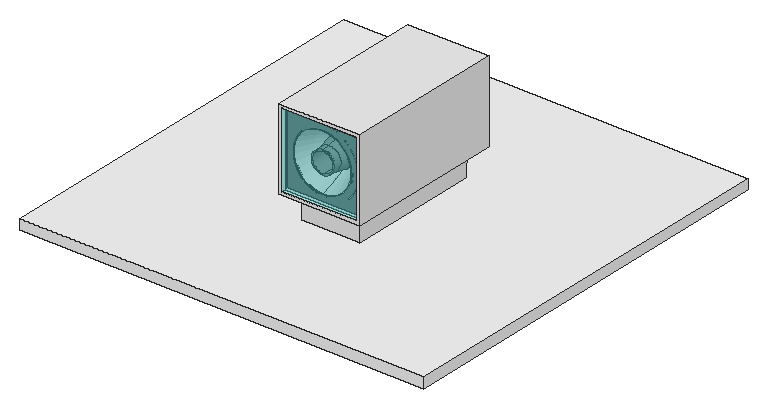
Revit family "BE_24613_de_DE", category Leuchten, Revit 2020
Family settings
  Basisbauteil = Fläche
  Bemaßung runder Anschluss = Durchmesser verwenden
  Teiletyp = Normal
  Beim Laden mit Abzugskörper schneiden = Ja
  Lichtquelle = Ja
  Gemeinsam genutzt = Nein
  Raumberechnungspunkt = Ja
Parameters (values of type "BEGA_24613_Weiß_K4")
  built-in parameter 1150104 = 4.6693 (stored number, unit not read)
  Wattage = 7.8 W
  Default Elevation = 0 mm
  built-in parameter 1150113 = 1 (stored number, unit not read)
  built-in parameter 1114218 = 1 (stored number, unit not read)
  Umgebungstemperatur = "25 °C"
  URL = "https://www.bega.com/de/produkt/24613"
  Typenkommentare = "© 2022 BEGA. Wir behalten uns das Recht vor, technische Änderungen ohne vorherige Ankündigung vorzunehmen."  # constant formula
  built-in parameter 1150134 = 12
  built-in parameter 1150109 = 1 (stored number, unit not read)
  Strom = ""
  built-in parameter 1150110 = 1 (stored number, unit not read)
  Spannung = 239.996 V
  Sonderanfertigung = no
  Seriennummer [instance] = "Hier können Sie die eindeutige Seriennummer für das Facility Management eintragen."
  Schutzklasse = "I"
  Schutzart = "IP 65"
  Scheinlast = 0 VA
  Produktdatenblatt = "https://cdn.bega.com/bega/products/24613AK3/current/documents/data-sheets/de"
  Oberflächentemperatur = ""
  Neigungswinkel = 0.00°
  Modell = "24613WK4"
  Material_18 = BEGA_Gummi_schwarz
  Material_17 = BEGA_Reflektor
  Material_15 = BEGA_Leuchtmedium_matt
  Material_09 = BEGA_Glas_klar
  Material_03 = BEGA_Oberfläche_Weiss_matt
  Material_02 = BEGA_Oberfläche_Silber_matt
  Material_01 [instance] = BEGA_Oberfläche_Grafit_matt
  M_W = yes
  M_G = no
  M_A = no
  Logo = 0
  built-in parameter 1114217 = 1 (stored number, unit not read)
  built-in parameter 1150139 = (empty or 0)
  built-in parameter 1150105 = 31.197 (stored number, unit not read)
  built-in parameter 1150114 = 1 (stored number, unit not read)
  Lumens = 392.028 lm
  built-in parameter 1150115 = 1 (stored number, unit not read)
  Leuchtenlichtstrom = "392 lm"
  Leuchtenanzahl = ""
  Lebensdauerkriterien = "L70B50 @ 25 °C = 200000 h"
  Lastklassifizierung = Beleuchtung
  built-in parameter 1150112 = 1 (stored number, unit not read)
  Lampenlichtstrom = "1370 lm"
  Lampe = "LED 7.8 W"
  LED_Modulbezeichnung = "2x LED-1029/840"
  built-in parameter 1150142 = (empty or 0)
  Hersteller = "BEGA"  # constant formula
  Halbstreuwinkel = ""
  Gewicht = "1.25 kg"
  Gebrauchslageneinschränkung [instance] = ""
  Frequenz = "0/50-60 Hz"
  Farbwiedergabeindex = "CRI > 80"
  Farbtemperaturverschiebung bei Dämpfen der Lampe = <Keine Auswahl>
  Farbtemperatur = "4000 K"
  Color Filter = 16777215
  built-in parameter 1150133 = 10 (stored number, unit not read)
  Energieeffizienzklasse = "LED A++ - A"
  built-in parameter 1150137 = (empty or 0)
  built-in parameter 1150132 = (empty or 0)
  ENEC = "ja"
  Dimmbar [instance] = "on/off"
  Datei für fotometrisches Netz = "BE_24613K4.IES"
  CE_Konformität = "ja"
  Bestellnummer = "24613WK4"
  Beschreibung_Sonderanfertigung = "Hier können Sie Informationen zur Sonderanfertigung eintragen."
  Beschreibung = "Wandleuchte"
  built-in parameter 1150106 = 0.31197 (stored number, unit not read)
  Befestigungsbohrung = "Ø 4,5 mm"
  Befestigungsabstand = "38 x 110 mm"
  Ballwurfsicher = ""
  BEGA_Intern_aus = yes
  BEGA_Intern_an = yes
  BEGA_Intern_Konstruktion = yes
  BEGA_Intern = yes
  BEGA_IES = yes
  BEGA_Dummy = no
  Anschlussleitung = ""
  Anschlussleistung [instance] = "9 W"
  Anschlusskasten = ""
  built-in parameter 1150107 = 4000 (stored number, unit not read)
  built-in parameter 1150102 = (empty or 0)
  built-in parameter 1150138 = (empty or 0)
  Aktualisierung = "2022-05-18T04:00:07"
  Abstand_zur_angestrahlten_Fläche [instance] = ""
  AC/DC = "AC/DC"
Types (6, lengths in mm): name | built-in parameter 1150104 | built-in parameter 1150134 | Modell | M_W | M_G | M_A | built-in parameter 1150105 | Lumens | Leuchtenlichtstrom | Lampenlichtstrom | LED_Modulbezeichnung | Farbtemperatur | Datei für fotometrisches Netz | Bestellnummer | built-in parameter 1150106 | built-in parameter 1150107
  BEGA_24613_Weiß_K4 | 4.6693 (stored number, unit not read) | 12 | "24613WK4" | yes | no | no | 31.197 (stored number, unit not read) | 392.028 lm | "392 lm" | "1370 lm" | "2x LED-1029/840" | "4000 K" | "BE_24613K4.IES" | "24613WK4" | 0.31197 (stored number, unit not read) | 4000 (stored number, unit not read)
  BEGA_24613_Weiß_K3 | 4.3952 (stored number, unit not read) | (empty or 0) | "24613WK3" | yes | no | no | 29.366 (stored number, unit not read) | 369.018 lm | "369 lm" | "1290 lm" | "2x LED-1029/830" | "3000 K" | "BE_24613K3.IES" | "24613WK3" | 0.29366 (stored number, unit not read) | 3000 (stored number, unit not read)
  BEGA_24613_Grafit_K4 | 4.6693 (stored number, unit not read) | 12 | "24613K4" | no | yes | no | 31.197 (stored number, unit not read) | 392.028 lm | "392 lm" | "1370 lm" | "2x LED-1029/840" | "4000 K" | "BE_24613K4.IES" | "24613K4" | 0.31197 (stored number, unit not read) | 4000 (stored number, unit not read)
  BEGA_24613_Silber_K3 | 4.3952 (stored number, unit not read) | (empty or 0) | "24613AK3" | no | no | yes | 29.366 (stored number, unit not read) | 369.018 lm | "369 lm" | "1290 lm" | "2x LED-1029/830" | "3000 K" | "BE_24613K3.IES" | "24613AK3" | 0.29366 (stored number, unit not read) | 3000 (stored number, unit not read)
  BEGA_24613_Silber_K4 | 4.6693 (stored number, unit not read) | 12 | "24613AK4" | no | no | yes | 31.197 (stored number, unit not read) | 392.028 lm | "392 lm" | "1370 lm" | "2x LED-1029/840" | "4000 K" | "BE_24613K4.IES" | "24613AK4" | 0.31197 (stored number, unit not read) | 4000 (stored number, unit not read)
  BEGA_24613_Grafit_K3 | 4.3952 (stored number, unit not read) | (empty or 0) | "24613K3" | no | yes | no | 29.366 (stored number, unit not read) | 369.018 lm | "369 lm" | "1290 lm" | "2x LED-1029/830" | "3000 K" | "BE_24613K3.IES" | "24613K3" | 0.29366 (stored number, unit not read) | 3000 (stored number, unit not read)
Reference planes
  plane 1 "Mitte (Vorne/Hinten)": y = 0
  plane 2: z = 0
  plane 3 "Mitte (Links/Rechts)": x = 0
  plane 4 "Links": x = -40
  plane 5 "Rechts": x = 40
  plane 6 "Unten": y = -79.6
  plane 7 "Oben": y = 80
  plane 8 "Vorne": z = 105.2
Forms (mm)
  Extrusion 1, solid, material "BEGA_Platte_Weiss"
    sketch origin (0, -1119.2, 0) x (1, 0, 0) y (0, 1, 0)
      loop
        line (-200, 1319.2) -> (-200, 919.2) -> (200, 919.2) -> (200, 1319.2) -> (-200, 1319.2)
    from 0 to -10
  Extrusion 2, solid, material "BEGA_Dummy_matt", visible <- "BEGA_Dummy"
    sketch origin (80.095, -76.023, 0) x (1, 0, 0) y (0, 1, 0)
      loop
        line (-120.095, 156.023) -> (-120.095, -3.577) -> (-40.095, -3.577) -> (-40.095, 156.023) -> (-120.095, 156.023)
    from 0 to 105.2
Dimensions and locks
  plane 1 "Mitte (Vorne/Hinten)" to Extrusion 1 = 200 mm
  aligned and locked: Extrusion 1 to plane 2
  aligned and locked: level to Extrusion 1
Nested families
  nested 1: "BE_24613" at (0, 0, 0), type "BE_24613"
Connectors
  electrical at (0, 0, 0), driven by "Lastklassifizierung", driven by "Spannung", driven by "Scheinlast"
    settings: index 1, voltage 239.996 V, apparent load 0 VA, apparent load phase1 0 VA, apparent load phase2 0 VA, apparent load phase3 0 VA, power factor 1, load classification "Beleuchtung", number of poles 1, system type 31, power factor state 1, is connector primary yes, connector utility no, sub classification motor no, connector description ""
Definition of nested family "BE_24613"
  Parameters (values of type "BE_24613")
    Default Elevation = 1 mm
    URL = "http://www.bega.de/de/produkt"
    Type Comments = "© 2015 BEGA. Wir behalten uns das Recht vor, technische Änderungen ohne vorherige Ankündigung vorzunehmen. "  # constant formula
    Type Image = (empty or 0)
    Material_18 = none
    Material_17 = none
    Material_15 = none
    Material_09 = none
    Material_03 = none
    Material_02 = none
    Material_01 = none
    M_W = yes
    M_G = no
    M_A = no
    Länge_Platte = 200 mm  # constant formula
    Höhe_Platte = -10 mm  # constant formula
    Manufacturer = "BEGA"  # constant formula
    Breite_Platte = 200 mm  # constant formula
  Reference planes
    plane 1 "Mitte (Oben/Unten)": y = 0
    plane 2: z = 0
    plane 3 "Mitte (Links/Rechts)": x = 0
    plane 4: z = 65.2
    plane 5: z = 65.2
    plane 6: x = -40
    plane 7: x = 40
    plane 8: y = 80
    plane 9: y = -79.6
    plane 10: z = 105.2
  Forms (mm)
    Extrusion 1, solid, detail levels medium
      sketch origin (0, 0, 0) x (1, 0, 0) y (0, 1, 0)
        loop
          line (-100, 100) -> (-100, -100) -> (100, -100) -> (100, 100) -> (-100, 100)
      from 0 to -10 <- "Höhe_Platte"
    Extrusion 2, solid, material <- "Material_01", visible <- "M_G"
      sketch origin (0, 0, 0) x (0, 1, 0) y (0, 0, 1)
        loop
          line (66.328, 25.2) -> (-65.928, 25.2) -> (-65.269, 0) -> (65.669, 0) -> (66.328, 25.2)
      from -28.66 to 28.66
    Extrusion 3, solid, material <- "Material_01", visible <- "M_G"
      sketch origin (0, 0, 0) x (0, 1, 0) y (0, 0, 1)
        loop
          line (79.7, 105.2) -> (-79.3, 105.2) -> (-79.3, 25.2) -> (79.7, 25.2) -> (79.7, 105.2)
      from -40 to 40
    Extrusion 4, void
      sketch origin (0, 0, 0) x (1, 0, 0) y (0, 0, 1)
        loop
          line (37, 102.2) -> (-37, 102.2) -> (-37, 28.2) -> (37, 28.2) -> (37, 102.2)
      from -79.7 to -75.8
    Extrusion 5, void
      sketch origin (0, 0, 0) x (1, 0, 0) y (0, 0, -1)
        loop
          line (37, -102.2) -> (37, -28.2) -> (-37, -28.2) -> (-37, -102.2) -> (37, -102.2)
      from -79.3 to -75.6
    Extrusion 6, void
      sketch origin (0, 0, 0) x (1, 0, 0) y (0, 0, 1)
        loop
          line (35, 100.2) -> (-35, 100.2) -> (-35, 30.2) -> (35, 30.2) -> (35, 100.2)
      from -40.45 to -75.8
    Extrusion 7, void
      sketch origin (0, 0, 0) x (1, 0, 0) y (0, 0, -1)
        loop
          line (35, -100.2) -> (35, -30.2) -> (-35, -30.2) -> (-35, -100.2) -> (35, -100.2)
      from -40.05 to -75.6
    Extrusion 8, solid, material <- "Material_15"
      sketch origin (0, 0, 0) x (1, 0, 0) y (0, 0, 1)
        loop
          line (10, 75.2) -> (-10, 75.2) -> (-10, 55.2) -> (10, 55.2) -> (10, 75.2)
      from -42.149 to -40.45
    Extrusion 9, solid, material <- "Material_15"
      sketch origin (0, 0, 0) x (1, 0, 0) y (0, 0, -1)
        loop
          line (10, -75.2) -> (10, -55.2) -> (-10, -55.2) -> (-10, -75.2) -> (10, -75.2)
      from -41.75 to -40.05
    Revolve 10, solid, material <- "Material_17"
      sketch origin (0, 0, 0) x (0, 1, 0) y (0, 0, 1)
        loop
          line (45.1, 81.183) -> (45.1, 77.876)
          arc (45.1, 77.876) -> (59.863, 86.632) -> (75.7, 93.251) r 123.246
          line (75.7, 93.251) -> (75.7, 100.212) -> (74.674, 100.194) -> (74.674, 94.35) -> (45.1, 81.183)
        loop
          line (-44.7, 81.183) -> (-74.274, 94.35) -> (-74.274, 100.194) -> (-75.3, 100.212) -> (-75.3, 93.251)
          arc (-75.3, 93.251) -> (-59.463, 86.632) -> (-44.7, 77.876) r 123.246
          line (-44.7, 77.876) -> (-44.7, 81.183)
        axis (-75.3, 65.2) -> (75.7, 65.2)
      angle from 0 to 360
    Extrusion 11, solid, material <- "Material_09"
      sketch origin (0, 0, 0) x (1, 0, 0) y (0, 0, 1)
        loop
          line (37, 102.2) -> (-37, 102.2) -> (-37, 28.2) -> (37, 28.2) -> (37, 102.2)
      from 75.6 to 79.6
    Extrusion 12, solid, material <- "Material_09"
      sketch origin (0, 0, 0) x (1, 0, 0) y (0, 0, -1)
        loop
          line (37, -102.2) -> (37, -28.2) -> (-37, -28.2) -> (-37, -102.2) -> (37, -102.2)
      from 76 to 80
    Extrusion 13, solid, material <- "Material_02", visible <- "M_A"
      sketch origin (0, 0, 0) x (0, 1, 0) y (0, 0, 1)
        loop
          line (79.7, 105.2) -> (-79.3, 105.2) -> (-79.3, 25.2) -> (79.7, 25.2) -> (79.7, 105.2)
      from -40 to 40
    Extrusion 14, solid, material <- "Material_03", visible <- "M_W"
      sketch origin (0, 0, 0) x (0, 1, 0) y (0, 0, 1)
        loop
          line (79.7, 105.2) -> (-79.3, 105.2) -> (-79.3, 25.2) -> (79.7, 25.2) -> (79.7, 105.2)
      from -40 to 40
    Extrusion 15, solid, material <- "Material_18"
      sketch origin (0, 0, 0) x (1, 0, 0) y (0, 0, 1)
        loop
          line (37, 102.2) -> (-37, 102.2) -> (-37, 28.2) -> (37, 28.2) -> (37, 102.2)
        loop
          circle (0, 65.2) r 29
      from -76 to -75.8
    Extrusion 16, solid, material <- "Material_18"
      sketch origin (0, 0, 0) x (1, 0, 0) y (0, 0, -1)
        loop
          line (37, -102.2) -> (37, -28.2) -> (-37, -28.2) -> (-37, -102.2) -> (37, -102.2)
        loop
          circle (0, -65.2) r 29
      from -75.6 to -75.4
    Extrusion 17, void
      sketch origin (0, 0, 0) x (1, 0, 0) y (0, 1, 0)
        loop
          line (-16, 57.45) -> (-20, 57.45)
          arc (-20, 57.45) -> (-22.25, 55.2) -> (-20, 52.95) r 2.25
          line (-20, 52.95) -> (-16, 52.95)
          arc (-16, 52.95) -> (-13.75, 55.2) -> (-16, 57.45) r 2.25
        loop
          circle (8.5, 30.2) r 8.781
        loop
          circle (8.5, -29.8) r 8.781
        loop
          circle (20, -54.8) r 2.25
      from 0 to 12.2
    Extrusion 18, solid, material <- "Material_02", visible <- "M_A"
      sketch origin (0, 0, 0) x (0, 1, 0) y (0, 0, 1)
        loop
          line (66.328, 25.2) -> (-65.928, 25.2) -> (-65.269, 0) -> (65.669, 0) -> (66.328, 25.2)
      from -28.66 to 28.66
    Extrusion 19, solid, material <- "Material_03", visible <- "M_W"
      sketch origin (0, 0, 0) x (0, 1, 0) y (0, 0, 1)
        loop
          line (66.328, 25.2) -> (-65.928, 25.2) -> (-65.269, 0) -> (65.669, 0) -> (66.328, 25.2)
      from -28.66 to 28.66
    Revolve 20, solid, material <- "Material_01"
      sketch origin (0, 0, 0) x (0, 1, 0) y (0, 0, 1)
        loop
          line (56.6, 79.1) -> (45.1, 79.2) -> (45.1, 75.996) -> (75.5, 75.2) -> (75.5, 76.4) -> (67.875, 76.6) -> (56.6, 79.1)
        loop
          line (-56.2, 79.1) -> (-67.475, 76.6) -> (-75.1, 76.4) -> (-75.1, 75.2) -> (-44.7, 75.996) -> (-44.7, 79.2) -> (-56.2, 79.1)
        axis (75.5, 65.2) -> (-75.1, 65.2)
      angle from 0 to 360
  Cuts and joins
    Extrusion 17 cuts Extrusion 2
    Extrusion 4, Extrusion 5, Extrusion 6, Extrusion 7, Extrusion 17 cuts Extrusion 3
    joined: Extrusion 2, Extrusion 3
    Extrusion 4, Extrusion 5, Extrusion 6, Extrusion 7, Extrusion 17 cuts Extrusion 14
    Extrusion 4, Extrusion 5, Extrusion 6, Extrusion 7, Extrusion 17 cuts Extrusion 13
    Extrusion 4 cuts Extrusion 11
    Extrusion 17 cuts Revolve 10
  Dimensions and locks
    equal spacing: Extrusion 1 sketch curve, plane 3 "Mitte (Links/Rechts)", Extrusion 1 sketch curve
    equal spacing: Extrusion 1 sketch curve, plane 1 "Mitte (Oben/Unten)", Extrusion 1 sketch curve
    "Länge_Platte": Extrusion 1 sketch curve to Extrusion 1 sketch curve
    "Breite_Platte": Extrusion 1 sketch curve to Extrusion 1 sketch curve
    aligned and locked: Extrusion 1 to plane 2
    aligned and locked: level to Extrusion 1
  Automatic sketch dimensions
    Extrusion 2 sketch curve to level = 0 mm
    level to Extrusion 2 sketch curve = 25.2 mm
    plane 1 "Mitte (Oben/Unten)" to Extrusion 2 sketch curve = 65.928 mm
    Extrusion 2 sketch curve to Extrusion 2 sketch curve = 0.66 mm  (x2)
    Extrusion 2 sketch curve to plane 1 "Mitte (Oben/Unten)" = 65.669 mm
    plane 1 "Mitte (Oben/Unten)" to Extrusion 3 sketch curve = 79.3 mm
    level to Extrusion 3 sketch curve = 25.2 mm
    Extrusion 3 sketch curve to plane 1 "Mitte (Oben/Unten)" = 79.7 mm
    Extrusion 3 sketch curve to Extrusion 3 sketch curve = 80 mm
    Extrusion 4 sketch curve to plane 3 "Mitte (Links/Rechts)" = 37 mm
    plane 3 "Mitte (Links/Rechts)" to Extrusion 4 sketch curve = 37 mm
    level to Extrusion 4 sketch curve = 28.2 mm
    Extrusion 4 sketch curve to Extrusion 4 sketch curve = 74 mm
    Extrusion 5 sketch curve to plane 3 "Mitte (Links/Rechts)" = 37 mm
    plane 3 "Mitte (Links/Rechts)" to Extrusion 5 sketch curve = 37 mm
    level to Extrusion 5 sketch curve = 102.2 mm
    level to Extrusion 5 sketch curve = 28.2 mm
    Extrusion 6 sketch curve to plane 3 "Mitte (Links/Rechts)" = 35 mm
    plane 3 "Mitte (Links/Rechts)" to Extrusion 6 sketch curve = 35 mm
    level to Extrusion 6 sketch curve = 30.2 mm
    Extrusion 6 sketch curve to Extrusion 6 sketch curve = 70 mm
    Extrusion 7 sketch curve to plane 3 "Mitte (Links/Rechts)" = 35 mm
    plane 3 "Mitte (Links/Rechts)" to Extrusion 7 sketch curve = 35 mm
    level to Extrusion 7 sketch curve = 100.2 mm
    level to Extrusion 7 sketch curve = 30.2 mm
    Extrusion 8 sketch curve to plane 3 "Mitte (Links/Rechts)" = 10 mm
    plane 3 "Mitte (Links/Rechts)" to Extrusion 8 sketch curve = 10 mm
    Extrusion 8 sketch curve to plane 4 = 10 mm
    plane 4 to Extrusion 8 sketch curve = 10 mm
    Extrusion 9 sketch curve to plane 3 "Mitte (Links/Rechts)" = 10 mm
    plane 3 "Mitte (Links/Rechts)" to Extrusion 9 sketch curve = 10 mm
    plane 5 to Extrusion 9 sketch curve = 10 mm
    Extrusion 9 sketch curve to plane 5 = 10 mm
    Revolve 10 sketch curve to level = 23.494 mm  (x2)
    plane 1 "Mitte (Oben/Unten)" to Revolve 10 sketch curve = 75.3 mm
    Revolve 10 sketch curve to Revolve 10 sketch curve = 1.026 mm  (x2)
    Revolve 10 sketch curve to Revolve 10 sketch curve = 1.099 mm  (x2)
    Revolve 10 sketch curve to Revolve 10 sketch curve = 5.844 mm  (x2)
    Revolve 10 sketch curve to Revolve 10 sketch curve = 0.018 mm  (x2)
    Extrusion 11 sketch curve to plane 3 "Mitte (Links/Rechts)" = 37 mm
    plane 3 "Mitte (Links/Rechts)" to Extrusion 11 sketch curve = 37 mm
    level to Extrusion 11 sketch curve = 28.2 mm
    Extrusion 11 sketch curve to Extrusion 11 sketch curve = 74 mm
    Extrusion 12 sketch curve to plane 3 "Mitte (Links/Rechts)" = 37 mm
    plane 3 "Mitte (Links/Rechts)" to Extrusion 12 sketch curve = 37 mm
    level to Extrusion 12 sketch curve = 102.2 mm
    level to Extrusion 12 sketch curve = 28.2 mm
    plane 1 "Mitte (Oben/Unten)" to Extrusion 13 sketch curve = 79.3 mm
    level to Extrusion 13 sketch curve = 25.2 mm
    Extrusion 13 sketch curve to plane 1 "Mitte (Oben/Unten)" = 79.7 mm
    Extrusion 13 sketch curve to Extrusion 13 sketch curve = 80 mm
    plane 1 "Mitte (Oben/Unten)" to Extrusion 14 sketch curve = 79.3 mm
    level to Extrusion 14 sketch curve = 25.2 mm
    Extrusion 14 sketch curve to plane 1 "Mitte (Oben/Unten)" = 79.7 mm
    Extrusion 14 sketch curve to Extrusion 14 sketch curve = 80 mm
    Extrusion 15 sketch curve to plane 3 "Mitte (Links/Rechts)" = 0 mm
    Extrusion 15 sketch curve to plane 3 "Mitte (Links/Rechts)" = 37 mm
    plane 3 "Mitte (Links/Rechts)" to Extrusion 15 sketch curve = 37 mm
    level to Extrusion 15 sketch curve = 28.2 mm
    Extrusion 15 sketch curve to Extrusion 15 sketch curve = 37 mm  (x2)
    Extrusion 16 sketch curve to plane 3 "Mitte (Links/Rechts)" = 0 mm
    Extrusion 16 sketch curve to plane 3 "Mitte (Links/Rechts)" = 37 mm
    plane 3 "Mitte (Links/Rechts)" to Extrusion 16 sketch curve = 37 mm
    level to Extrusion 16 sketch curve = 102.2 mm
    Extrusion 16 sketch curve to Extrusion 16 sketch curve = 37 mm
    level to Extrusion 16 sketch curve = 28.2 mm
    Extrusion 17 sketch curve to plane 3 "Mitte (Links/Rechts)" = 16 mm
    Extrusion 17 sketch curve to plane 1 "Mitte (Oben/Unten)" = 55.2 mm
    Extrusion 17 sketch curve to Extrusion 17 sketch curve = 2.25 mm
    Extrusion 17 sketch curve to Extrusion 17 sketch curve = 4 mm  (x2)
    Extrusion 17 sketch curve to Extrusion 17 sketch curve = 0 mm
    Extrusion 18 sketch curve to level = 0 mm
    level to Extrusion 18 sketch curve = 25.2 mm
    plane 1 "Mitte (Oben/Unten)" to Extrusion 18 sketch curve = 65.928 mm
    Extrusion 18 sketch curve to Extrusion 18 sketch curve = 0.66 mm  (x2)
    Extrusion 18 sketch curve to plane 1 "Mitte (Oben/Unten)" = 65.669 mm
    Extrusion 19 sketch curve to level = 0 mm
    level to Extrusion 19 sketch curve = 25.2 mm
    plane 1 "Mitte (Oben/Unten)" to Extrusion 19 sketch curve = 65.928 mm
    Extrusion 19 sketch curve to Extrusion 19 sketch curve = 0.66 mm  (x2)
    Extrusion 19 sketch curve to plane 1 "Mitte (Oben/Unten)" = 65.669 mm
    Revolve 10 sketch curve to Revolve 10 sketch curve = 3.307 mm  (x2)
    Revolve 10 sketch curve to plane 10 = 11.949 mm  (x2)
    Revolve 10 sketch curve to plane 9 = 35.198 mm
    Revolve 10 sketch curve to plane 10 = 27.324 mm  (x2)
    Revolve 10 sketch curve to plane 8 = 5.326 mm
    plane 8 to Revolve 10 sketch curve = 35.198 mm
    Revolve 10 sketch curve to Revolve 10 sketch curve = 3.2 mm
    Revolve 10 sketch curve to plane 8 = 2.3 mm
    Revolve 10 sketch curve to Revolve 10 sketch curve = 28.051 mm
    Revolve 20 sketch curve to plane 9 = 0 mm
    Revolve 20 sketch curve to plane 8 = 0 mm
    plane 9 to Revolve 20 sketch curve = 4.5 mm
    Revolve 20 sketch curve to Revolve 20 sketch curve = 7.625 mm
    Revolve 20 sketch curve to Revolve 20 sketch curve = 11.275 mm  (x2)
    Revolve 20 sketch curve to Revolve 20 sketch curve = 11.5 mm  (x2)
    Revolve 20 sketch curve to plane 8 = 34.9 mm
    Revolve 20 sketch curve to plane 8 = 4.5 mm
    Revolve 20 sketch curve to plane 10 = 30 mm  (x2)
    Revolve 20 sketch curve to plane 10 = 29.204 mm  (x2)
    Revolve 20 sketch curve to Revolve 20 sketch curve = 1.2 mm  (x2)
    Revolve 20 sketch curve to Revolve 20 sketch curve = 0.2 mm  (x2)
    Revolve 20 sketch curve to Revolve 20 sketch curve = 2.5 mm  (x2)
    Revolve 20 sketch curve to Revolve 20 sketch curve = 3.204 mm  (x2)
    Revolve 20 sketch curve to Revolve 20 sketch curve = 10 mm
    radius of Extrusion 15 sketch curve = 29 mm
    radius of Extrusion 16 sketch curve = 29 mm
